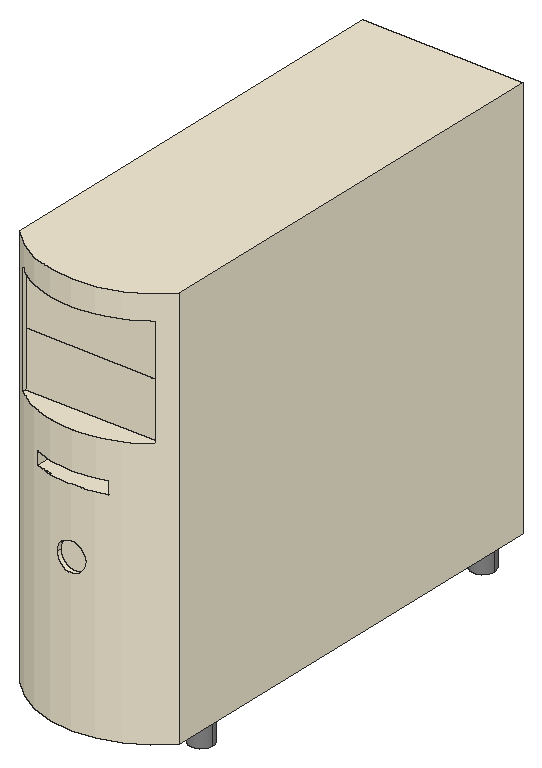
Revit family
Parameters
  Material PC = Plastic - Tan, Light
  Material Feet = Plastic - Grey, Dark
  Keynote = "N"
  Assembly Code = "E1010800"
Reference planes
  plane 1 "Center F/B": y = 43.962
  plane 2: z = 0
  plane 3 "Center L/R": x = 12.176
  plane 4: x = -70.374
  plane 5: x = 94.726
Forms (mm)
  Extrusion 1, solid, material "Plastic - Tan, Light" <- "Material PC"
    sketch origin (0, 0, 0) x (1, 0, 0) y (0, 1, 0)
      loop
        line (-70.374, 266.212) -> (-70.374, -178.288)
        arc (-70.374, -178.288) -> (12.176, -215.022) -> (94.726, -178.288) r 111.122
        line (94.726, -178.288) -> (94.726, 266.212) -> (-70.374, 266.212)
    from 25.4 to 444.5
  Extrusion 2, solid, material "Plastic - Grey, Dark" <- "Material Feet"
    sketch origin (0, 0, 0) x (1, 0, 0) y (0, 1, 0)
      loop
        circle (77.076, -127.998) r 12
      loop
        circle (-49.3, -127.998) r 12
      loop
        circle (75.535, 238.801) r 12
      loop
        circle (-53.923, 238.801) r 12
    from 0 to 25.4
  Extrusion 3, void
    sketch origin (-7.677, 0, 0) x (1, 0, 0) y (0, 1, 0)
      loop
        line (-50.339, -239.732) -> (88.561, -239.732) -> (88.561, -107.192) -> (-50.339, -107.192) -> (-50.339, -239.732)
    from 304.8 to 419.1
  Extrusion 4, void
    sketch origin (0, 0, 0) x (1, 0, 0) y (0, 1, 0)
      loop
        line (-29.265, -229.715) -> (46.935, -229.715) -> (46.935, -178.915) -> (-29.265, -178.915) -> (-29.265, -229.715)
    from 254 to 266.7
  Extrusion 5, solid, material "Plastic - Tan, Light"
    sketch origin (80.884, -107.192, 419.1) x (0, 0, -1) y (-1, 0, 0)
      loop
        line (114.3, 138.9) -> (57.15, 138.9) -> (57.15, 0) -> (114.3, 0) -> (114.3, 138.9)
    from -79.52 to 0
  Extrusion 6, solid, material "Plastic - Tan, Light"
    sketch origin (80.884, -107.192, 419.1) x (0, 0, -1) y (-1, 0, 0)
      loop
        line (57.15, 138.9) -> (0, 138.9) -> (0, 0) -> (57.15, 0) -> (57.15, 138.9)
    from -79.52 to 0
  Extrusion 7, void
    sketch origin (0, 43.962, 0) x (1, 0, 0) y (0, 0, 1)
      loop
        circle (12.176, 186.561) r 15
    from 254 to 260
Cuts and joins
  Extrusion 3, Extrusion 4, Extrusion 7 cuts Extrusion 1
  Extrusion 3, Extrusion 4 cuts Extrusion 2
Lines and regions (mm)
  Masking region 1
    outline origin (0, 0, 0) x (1, 0, 0) y (0, 1, 0)
      loop
        line (-70.374, 266.212) -> (-70.374, -178.288)
        arc (-70.374, -178.288) -> (12.176, -215.022) -> (94.726, -178.288) r 111.122
        line (94.726, -178.288) -> (94.726, 266.212) -> (-70.374, 266.212)
  symbolic lines
    curve 1: line (-70.374, 266.212, 0) -> (-70.374, -178.288, 0)
    curve 2: line (94.726, 266.212, 0) -> (-70.374, 266.212, 0)
    curve 3: line (94.726, -178.288, 0) -> (94.726, 266.212, 0)
    curve 4: arc (-70.374, -178.288, 0) -> (12.176, -215.022, 0) -> (94.726, -178.288, 0) r 111.122
Dimensions and locks
  aligned and locked: Masking region 1 sketch curve to cut or joined group of Extrusion 1, Extrusion 3, Extrusion 4, Extrusion 7  (x4)
